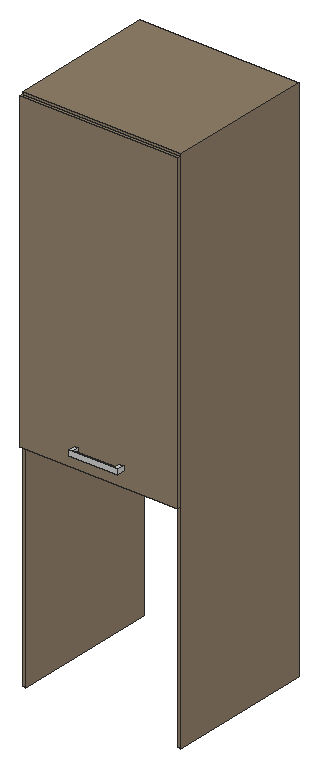
Revit family "Шкаф над мини холодильником или морозилкой", category Мебель, Revit 2019
Family settings
  Номер OmniClass = 23.40.20.00
  Заголовок OmniClass = General Furniture and Specialties
  На основе рабочей плоскости = Нет
  Всегда вертикально = Да
  При загрузке вырезать с полостями = Нет
  Общий = Нет
  Точка расчета площади = Нет
Parameters
  Ширина [instance] = 650 mm
  Дверки ручка снизу [instance] = yes
  Дверки правое открывание [instance] = no
  Материал корпус = Материал корпус кухни
  Дверки левое открывание [instance] = no
  Изготовитель = "Литвинчук Артур"
  Глубина [instance] = 600 mm
  Высота ниши снизу [instance] = 875 mm
  Высота [instance] = 2180 mm
  URL = "lytvynchukartur@gmail.com"
Reference planes
  plane 1 "По центру (Вперед/Назад)": y = 0
  plane 2: z = 0
  plane 3 "По центру (Влево/Вправо)": x = 0
  plane 4: y = -600
  plane 5: x = 650
  plane 6: z = 2180
  plane 7: z = 875
  plane 8: x = 635
  plane 9: x = 15
  plane 10: y = -615
  plane 11: x = 325
Forms (mm)
  Extrusion 1, solid, material "Материал корпус кухни" <- "Материал корпус"
    sketch origin (600, 0, 0) x (1, 0, 0) y (0, 1, 0)
      loop
        line (-600, 0) -> (-600, -600) -> (50, -600) -> (50, 0) -> (-600, 0)
    from 875 to 2180
  Extrusion 2, solid, material "Материал ручка кухни", visible <- "Дверки правое открывание"
    sketch origin (880, 0, 900) x (0, 0, 1) y (0, 1, 0)
      loop
        line (45, -615) -> (45, -645) -> (245, -645) -> (245, -615) -> (230, -615) -> (230, -635) -> (60, -635) -> (60, -615) -> (45, -615)
    from 810 to 830
  Extrusion 3, solid, material "Материал ручка кухни", visible <- "Дверки левое открывание"
    sketch origin (1710, 0, 900) x (0, 0, 1) y (0, 1, 0)
      loop
        line (45, -615) -> (45, -645) -> (245, -645) -> (245, -615) -> (230, -615) -> (230, -635) -> (60, -635) -> (60, -615) -> (45, -615)
    from 1110 to 1130
  Extrusion 4, solid, material "Материал корпус кухни" <- "Материал корпус"
    sketch origin (3640, -50, 456.492) x (1, 0, 0) y (0, 0, 1)
      loop
        line (-3637.5, 1716.248) -> (-3637.5, 428.508) -> (-2992.5, 428.508) -> (-2992.5, 1716.248) -> (-3637.5, 1716.248)
    from 550 to 565
  Extrusion 5, solid, material "Материал корпус кухни" <- "Материал корпус"
    sketch origin (0, 0, 0) x (1, 0, 0) y (0, 1, 0)
      loop
        line (0, 0) -> (0, -600) -> (15, -600) -> (15, 0) -> (0, 0)
      loop
        line (635, 0) -> (635, -600) -> (650, -600) -> (650, 0) -> (635, 0)
    from 0 to 875
  Extrusion 6, solid, material "Материал ручка кухни", visible <- "Дверки ручка снизу"
    sketch origin (470, 0, -145) x (0, 1, 0) y (-1, 0, 0)
      loop
        line (-615, 45) -> (-615, 60) -> (-635, 60) -> (-635, 230) -> (-615, 230) -> (-615, 245) -> (-645, 245) -> (-645, 45) -> (-615, 45)
    from 1110 to 1090
Cuts and joins
  joined: Extrusion 1, Extrusion 5
Dimensions and locks
  "Высота": plane 6 to level
  plane 7 to level = 875 mm
  locked: plane 6 to Extrusion 4 at 7.26
  locked: Extrusion 4 to plane 7 at 10
  "Ширина": plane 3 "По центру (Влево/Вправо)" to plane 5
  locked: plane 3 "По центру (Влево/Вправо)" to plane 9 at 15
  locked: plane 8 to plane 5 at 15
  "Глубина": plane 1 "По центру (Вперед/Назад)" to plane 4
  locked: plane 4 to plane 10 at 15
  locked: cut or joined group of Extrusion 1, Extrusion 5 to Extrusion 4 at 2.5  (x2)
  Extrusion 3 to Extrusion 3 to plane 5 = 20 mm locked, 50 mm locked
  Extrusion 2 to Extrusion 2 to plane 7 = 200 mm locked, 70 mm locked
  Extrusion 3 to Extrusion 3 to plane 7 = 200 mm locked, 70 mm locked
  equal spacing: plane 5, plane 11, plane 3 "По центру (Влево/Вправо)"
  Extrusion 6 to plane 11 to Extrusion 6 = 100 mm locked, 100 mm locked
  Extrusion 6 to Extrusion 6 to plane 7 = 20 mm locked, 70 mm locked
  "Высота ниши снизу": plane 7 to level
  aligned and locked: level to plane 2
  aligned and locked: plane 6 to Extrusion 1
  aligned and locked: plane 3 "По центру (Влево/Вправо)" to Extrusion 5 sketch curve
  aligned and locked: Extrusion 5 sketch curve to plane 5
  aligned and locked: plane 1 "По центру (Вперед/Назад)" to Extrusion 5 sketch curve  (x2)
  aligned and locked: plane 4 to Extrusion 5 sketch curve  (x2)
  aligned and locked: plane 7 to Extrusion 5
  aligned and locked: Extrusion 1 to Extrusion 5
  aligned and locked: plane 9 to Extrusion 5
  aligned and locked: Extrusion 5 to plane 8
  aligned and locked: Extrusion 4 to plane 10
  aligned and locked: plane 4 to Extrusion 4
Automatic sketch dimensions
  Extrusion 1 sketch curve to plane 3 "По центру (Влево/Вправо)" = 0 mm
  Extrusion 1 sketch curve to plane 4 = 0 mm
  Extrusion 1 sketch curve to plane 5 = 0 mm
  plane 1 "По центру (Вперед/Назад)" to Extrusion 1 sketch curve = 0 mm
  Extrusion 2 sketch curve to plane 10 = 0 mm  (x2)
  plane 7 to Extrusion 2 sketch curve = 70 mm
  Extrusion 2 sketch curve to Extrusion 2 sketch curve = 15 mm  (x2)
  Extrusion 2 sketch curve to Extrusion 2 sketch curve = 170 mm
  Extrusion 2 sketch curve to plane 10 = 20 mm
  Extrusion 2 sketch curve to Extrusion 2 sketch curve = 10 mm
  Extrusion 3 sketch curve to plane 10 = 0 mm  (x2)
  plane 7 to Extrusion 3 sketch curve = 70 mm
  Extrusion 3 sketch curve to Extrusion 3 sketch curve = 15 mm  (x2)
  Extrusion 3 sketch curve to Extrusion 3 sketch curve = 170 mm
  Extrusion 3 sketch curve to plane 10 = 20 mm
  Extrusion 3 sketch curve to Extrusion 3 sketch curve = 10 mm
  plane 3 "По центру (Влево/Вправо)" to Extrusion 4 sketch curve = 2.5 mm
  Extrusion 4 sketch curve to plane 5 = 2.5 mm
  plane 7 to Extrusion 4 sketch curve = 10 mm
  Extrusion 4 sketch curve to plane 6 = 7.26 mm
  Extrusion 5 sketch curve to plane 9 = 0 mm
  Extrusion 5 sketch curve to plane 8 = 0 mm
  Extrusion 6 sketch curve to plane 10 = 0 mm  (x2)
  Extrusion 6 sketch curve to plane 10 = 20 mm
  Extrusion 6 sketch curve to Extrusion 6 sketch curve = 10 mm
  Extrusion 6 sketch curve to plane 8 = 210 mm
  Extrusion 6 sketch curve to Extrusion 6 sketch curve = 15 mm  (x2)
  Extrusion 6 sketch curve to Extrusion 6 sketch curve = 170 mm
